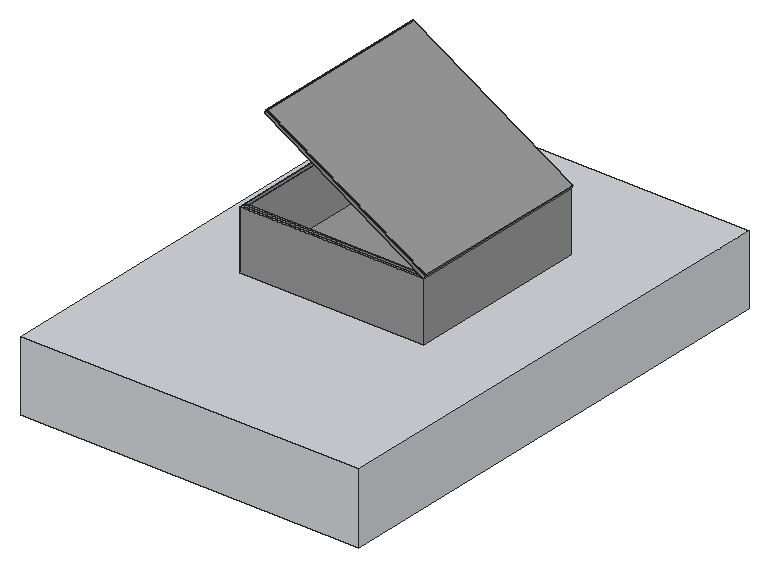
Revit family "Hager-Univers-IP55-D275-H800-Cl.II-Steel_encl-PT-pt", category Equipement électrique, Revit 2020
Family settings
  Hôte = Face
  Configuration du panneau = Deux colonnes, circuits au sein
  Cote de connecteur circulaire = Utiliser le diamètre
  Type d'élément = Tableau de raccordement
  Couper avec des vides une fois chargée = Non
  Partagée = Non
  Point de calcul de pièce = Non
Parameters (values of type "Montagem em superfície (gesso) IP55 L800 A800 P275  - FR53S")
  Width Control [instance] = if([EF000008 - Largura] > Min Width, [EF000008 - Largura], Min Width)  # 800 mm
  Commentaires du type = [HG000003 - Gama]  # "Univers"
  Thickness Door [instance] = if([EF009171 - Espessura do material da porta/tampa] > 3 mm, 3 mm, [EF009171 - Espessura do material da porta/tampa])  # 1.5 mm
  Seal Frame Offset [instance] = 17 mm  # constant formula
  Plinth Visibility [instance] = [HG000027 - Altura da Plinta] > 0 mm  # no
  Model = ""
  Min Width [instance] = 100 mm  # constant formula
  Min Height [instance] = 100 mm  # constant formula
  Min Depth [instance] = (2 * [EF009170 - Espessura do material do invólucro]) + 1 mm  # 4 mm
  Internal Frame Depth [instance] = (Door System Depth * 0.5)  # 9 mm
  Height Control [instance] = if([EF000040 - Altura] > Min Height, [EF000040 - Altura], Min Height)  # 800 mm
  HG000027 - Altura da Plinta = 0 mm
  HG000026 - Instalação no chão = no
  HG000024 - Altura da secção inferior = 800 mm
  HG000023 - Recinto de secção dupla = no
  HG000016 - Visibilidade da porta 3D [instance] = yes
  HG000015 - Visibilidade através da porta [instance] = no
  HG000014 - Porta à direita [instance] = yes
  HG000013 - Porta à esquerda [instance] = not([HG000014 - Porta à direita])  # no
  HG000012 - Ângulo de abertura de porta [instance] = 30.00°
  HG000010 - Portas assimétricas = no
  HG000009 - Porta dupla = no
  HG000006 - Encastrado = no
  HG000004 - Referência do Fabricante = "FR53S"
  HG000003 - Gama = "Univers"
  HG000002 - Com porta ou tampa = yes
  Frame Offset Bottom [instance] = 10 mm  # constant formula
  Frame Offset [instance] = 15 mm  # constant formula
  EF015940 - Tampa com libertação de sobrepressão = no
  EF011959 - Grau de proteção (NEMA) = ""
  EF009554 - Número de aberturas para placas de flange = 6
  Fabricant = "Hager"  # constant formula
  EF009212 - Tipo de tampa = "EV000116 - Fechado"
  EF009171 - Espessura do material da porta/tampa = 1.5 mm
  EF009170 - Espessura do material do invólucro = 1.5 mm
  EF008873 - Corrente nominal (In) = 800 A
  EF007800 - Adequado para proteção contra raios = no
  EF006306 - Com fecho = no
  EF006244 - Tampa/porta transparente = no
  EF005474 - Grau de proteção (IP) = "EV006420 - IP55"
  EF004464 - Tipo de porta = "EV002646 - Único"
  EF004427 - Número de módulos = 180
  EF004293 - Força de impacto = "EV008784 - IK10"
  EF003532 - Adequado para uso no exterior = no
  EF002950 - Largura em número de módulos = 24
  EF001613 - Integridade do circuito = "EV000494 - Nenhum"
  EF001596 - Material do corpo = "EV000179 - Aço"
  EF001131 - Profundidade interior = 275 mm
  EF001088 - Extensão possível = yes
  EF000437 - Número de entradas de condutores = 6
  EF000339 - Tipo de difusor = "EV004216 - Porta"
  EF000266 - Número de linhas = 5
  EF000218 - Profundidade incorporada = 0 mm
  EF000118 - Com tampa de montagem = no
  EF000116 - Número RAL = "7035"
  EF000049 - Profundidade = 275 mm
  EF000040 - Altura = 800 mm
  EF000008 - Largura = 800 mm
  EF000007 - Cor = "EV000270 - Cinzento"
  EF000003 - Método de montagem = "EV000384 - Montagem em superfície (gesso)"
  Door System Leaf Tolerance [instance] = 1.5 mm  # constant formula
  Door System Depth [instance] = 18 mm  # constant formula
  Door Height [instance] = Height Control - [HG000027 - Altura da Plinta]  # 800 mm
  Depth Control [instance] = if([EF000049 - Profundidade] > Min Depth, [EF000049 - Profundidade], Min Depth)  # 275 mm
  Default Elevation = 0 mm
  Connector Offset [instance] = Height Control / 2  # 400 mm
  Bottom Top Plate Trim [instance] = 1.5 mm  # constant formula
  Plinth height Ctrl [instance] = if([HG000027 - Altura da Plinta] > 0 mm, [HG000027 - Altura da Plinta], 12 mm)  # 12 mm
Types (5, lengths in mm): name | Width Control | HG000010 - Portas assimétricas | HG000009 - Porta dupla | HG000004 - Referência do Fabricante | EF009554 - Número de aberturas para placas de flange | EF004464 - Tipo de porta | EF004427 - Número de módulos | EF000437 - Número de entradas de condutores | EF000008 - Largura
  Montagem em superfície (gesso) IP55 L1050 A800 P275  - FR54S | 1050 | no | yes | "FR54S" | 8 | "EV003602 - Duplo" | 240 | 8 | 1050
  Montagem em superfície (gesso) IP55 L1300 A800 P275  - FR55S | 1300 | yes | yes | "FR55S" | 10 | "EV003602 - Duplo" | 300 | 10 | 1300
  Montagem em superfície (gesso) IP55 L300 A800 P275  - FR51S | 300 | no | no | "FR51S" | 2 | "EV002646 - Único" | 60 | 2 | 300
  Montagem em superfície (gesso) IP55 L550 A800 P275  - FR52S | 550 | no | no | "FR52S" | 4 | "EV002646 - Único" | 120 | 4 | 550
  Montagem em superfície (gesso) IP55 L800 A800 P275  - FR53S | 800 | no | no | "FR53S" | 6 | "EV002646 - Único" | 180 | 6 | 800
Reference planes
  plane 1 "Center (Front/Back)": y = 0
  plane 2: z = 0
  plane 3 "Center (Left/Right)": x = 0
  plane 4: z = 275
  plane 5: y = 1.5
  plane 6: y = 400
  plane 7: y = 0
  plane 8: y = 800
  plane 9: z = 0
  plane 10: x = -385
  plane 11: x = 385
  plane 12: x = 383.5
  plane 13: x = -383.5
  plane 14: y = 798.5
  plane 15: x = -383
  plane 16: x = -400
  plane 17: x = 383
  plane 18: x = 400
  plane 19: x = 398.5
  plane 20: x = -398.5
  plane 21: y = 11.5
  plane 22: y = 800
  plane 23: y = 783.5
  plane 24: z = 257
  plane 25: z = 1.5
  plane 26: z = 255.5
  plane 27: z = 273.5
Forms (mm)
  Extrusion 1, solid
    sketch origin (0, 0, 0) x (1, 0, 0) y (0, 1, 0)
      loop
        line (-702.964, 1305) -> (-702.964, -811.445) -> (766.763, -811.445) -> (766.763, 1305) -> (-702.964, 1305)
    from 0 to -304.8
  Extrusion 2, solid, material "Hager_Steel_RAL7035_Light_Grey", visible <- "Plinth Visibility", detail levels medium+fine
    sketch origin (0, 0, 0) x (1, 0, 0) y (0, 1, 0)
      loop
        line (-400, 0) -> (400, 0) -> (400, 12) -> (-400, 12) -> (-400, 0)
    from 0 to 257
  Extrusion 3, solid, material "Hager_Steel_RAL7035_Light_Grey", detail levels medium+fine
    sketch origin (0, 0, 0) x (1, 0, 0) y (0, 1, 0)
      loop
        line (-400, 0) -> (400, 0) -> (400, 800) -> (-400, 800) -> (-400, 0)
    from 0 to 257
  Extrusion 4, void
    sketch origin (0, 0, 0) x (1, 0, 0) y (0, 1, 0)
      loop
        line (-398.5, 1.5) -> (398.5, 1.5) -> (398.5, 798.5) -> (-398.5, 798.5) -> (-398.5, 1.5)
    from 1.5 to 255.5
  Extrusion 5, void
    sketch origin (-381.607, -4572, 257) x (0, -1, 0) y (-1, 0, 0)
      loop
        line (-4583.5, 1.893) -> (-5355.5, 1.893) -> (-5355.5, -765.107) -> (-4583.5, -765.107) -> (-4583.5, 1.893)
    from 0 to 1.5 <- "EF009170 - Espessura do material do invólucro"
  Extrusion 6, solid, material "Hager_Steel_RAL7035_Light_Grey", detail levels fine
    sketch origin (0, 0, 257) x (1, 0, 0) y (0, 1, 0)
      loop
        line (-383.5, 783.5) -> (-383.5, 11.5) -> (383.5, 11.5) -> (383.5, 783.5) -> (-383.5, 783.5)
      loop
        line (-385, 10) -> (385, 10) -> (385, 785) -> (-385, 785) -> (-385, 10)
    from 0 to 9 <- "Internal Frame Depth"
  Extrusion 7, solid, material "Hager_Steel_RAL7035_Light_Grey", detail levels coarse
    sketch origin (0, 0, 0) x (1, 0, 0) y (0, 1, 0)
      loop
        line (-400, 0) -> (400, 0) -> (400, 800) -> (-400, 800) -> (-400, 0)
    from 0 to 275
  Sweep 8, void
    path in 3D
      loop
        line (-400, 12, 0) -> (400, 12, 0) -> (400, 12, 257) -> (-400, 12, 257) -> (-400, 12, 0)
    profile origin (-400, 12, 128.5) x (-1, 0, 0) y (0, -1, 0)
      loop
        line (0, 0) -> (0, 1.5) -> (-1.5, 1.5)
        arc (-1.5, 1.5) -> (-1.061, 0.439) -> (0, 0) r 1.5
Cuts and joins
  Extrusion 4, Extrusion 5 cuts Extrusion 3
  Sweep 8 cuts Extrusion 2
Lines and regions (mm)
  Masking region 1
    outline origin (0, 0, 0) x (1, 0, 0) y (0, 0, 1)
      loop
        line (-400, 275) -> (-400, 0) -> (400, 0) -> (400, 275) -> (-400, 275)
  Masking region 2, detail levels medium+fine
    outline origin (0, 140, 0) x (0, 1, 0) y (0, 0, 1)
      loop
        line (-140, 0) -> (660, 0) -> (660, 257) -> (-140, 257) -> (-140, 0)
  Masking region 3, not visible, detail levels medium+fine
    outline origin (0, 297.922, 0) x (0, 1, 0) y (0, 0, 1)
      loop
        line (113.578, 0) -> (153.578, 0) -> (153.578, 263.5)
        arc (153.578, 263.5) -> (150.649, 270.571) -> (143.578, 273.5) r 10
        line (143.578, 273.5) -> (113.578, 273.5) -> (113.578, 0)
  Masking region 4, detail levels coarse
    outline origin (0, 0, 180) x (0, 1, 0) y (0, 0, 1)
      loop
        line (0, -180) -> (800, -180) -> (800, 95) -> (0, 95) -> (0, -180)
  Masking region 5, visible <- "Plinth Visibility", detail levels medium+fine
    outline origin (0, 52.24, 12.345) x (0, 0, -1) y (0, 1, 0)
      loop
        line (10.845, -40.24) -> (-243.155, -40.24)
        arc (-243.155, -40.24) -> (-243.594, -41.301) -> (-244.655, -41.74) r 1.5
        line (-244.655, -41.74) -> (-244.655, -52.24) -> (12.345, -52.24) -> (12.345, -41.74)
        arc (12.345, -41.74) -> (11.285, -41.301) -> (10.845, -40.24) r 1.5
  Masking region 6, detail levels medium+fine
    outline origin (-381.607, -4572, 257) x (-1, 0, 0) y (0, -1, 0)
      loop
        line (18.393, -5372) -> (18.393, -4572) -> (-781.607, -4572) -> (-781.607, -5372) -> (18.393, -5372)
  Masking region 7, visible <- "Plinth Visibility", detail levels medium+fine
    outline origin (-381.607, -4727, 257) x (-1, 0, 0) y (0, -1, 0)
      loop
        arc (16.893, -4739) -> (17.332, -4737.939) -> (18.393, -4737.5) r 1.5
        line (18.393, -4737.5) -> (18.393, -4727) -> (-781.607, -4727) -> (-781.607, -4737.5)
        arc (-781.607, -4737.5) -> (-780.546, -4737.939) -> (-780.107, -4739) r 1.5
        line (-780.107, -4739) -> (16.893, -4739)
  Masking region 8, detail levels coarse
    outline origin (-442.548, -4669.526, 257) x (-1, 0, 0) y (0, -1, 0)
      loop
        line (-42.548, -5469.526) -> (-42.548, -4669.526) -> (-842.548, -4669.526) -> (-842.548, -5469.526) -> (-42.548, -5469.526)
  sketch lines
    curve 1: line (-400, 12, 257) -> (-400, 12, 0)
    curve 2: line (400, 12, 257) -> (-400, 12, 257)
    curve 3: line (400, 12, 257) -> (400, 12, 0)
    curve 4: line (-400, 12, 0) -> (400, 12, 0)
Dimensions and locks
  "Depth Control": plane 4 to Extrusion 1
  "HG000027 - Altura da Plinta": plane 1 "Center (Front/Back)" to plane 7
  "EF009170 - Espessura do material do invólucro": plane 5 to plane 7
  locked: connector elem to plane 3 "Center (Left/Right)"
  equal spacing: plane 8, plane 6, plane 7
  locked: connector elem to plane 6
  "EF009170 - Espessura do material do invólucro": plane 8 to plane 14
  "EF009170 - Espessura do material do invólucro": plane 10 to plane 13
  "EF009170 - Espessura do material do invólucro": plane 12 to plane 11
  "Frame Offset": plane 20 to plane 13
  "Frame Offset": plane 12 to plane 19
  "EF009170 - Espessura do material do invólucro": plane 16 to plane 20
  "EF009170 - Espessura do material do invólucro": plane 19 to plane 18
  "Seal Frame Offset": plane 16 to plane 15
  "Seal Frame Offset": plane 17 to plane 18
  "Frame Offset Bottom": plane 21 to plane 5
  "Frame Offset": plane 14 to plane 23
  equal spacing: plane 16, plane 3 "Center (Left/Right)", plane 18
  "Width Control": plane 16 to plane 18
  "EF009170 - Espessura do material do invólucro": plane 4 to plane 27
  "EF009170 - Espessura do material do invólucro": plane 24 to plane 26
  "EF009170 - Espessura do material do invólucro": plane 25 to level
  "Door System Depth": plane 4 to plane 24
  "Height Control": plane 1 "Center (Front/Back)" to Extrusion 7 sketch curve
  "Height Control": Masking region 4 sketch curve to plane 1 "Center (Front/Back)"
  "Height Control": plane 1 "Center (Front/Back)" to plane 22
  "Bottom Top Plate Trim": profile plane to Sweep 8 sketch curve
  "Bottom Top Plate Trim": Sweep 8 sketch curve to profile plane
  "Plinth height Ctrl": plane 1 "Center (Front/Back)" to Extrusion 2 sketch curve
  "Plinth height Ctrl": Masking region 5 sketch curve to plane 1 "Center (Front/Back)"
  "Plinth height Ctrl": plane 1 "Center (Front/Back)" to Masking region 7 sketch curve
  "Thickness Door": Extrusion 6 sketch curve to Extrusion 6 sketch curve  (x3)
  "Thickness Door": cut or joined group of Extrusion 3, Extrusion 4, Extrusion 5 to Extrusion 6 sketch curve
  radius of Masking region 3 sketch curve = 10 mm
  "Bottom Top Plate Trim": radius of Masking region 5 sketch curve  (x2)
  "Bottom Top Plate Trim": radius of Sweep 8 sketch curve
  "Bottom Top Plate Trim": radius of Masking region 7 sketch curve  (x2)
  aligned and locked: plane 2 to Extrusion 1
  aligned and locked: level to Extrusion 1
  aligned and locked: level to Masking region 1 sketch curve
  aligned and locked: Masking region 1 sketch curve to plane 18
  aligned and locked: Masking region 1 sketch curve to plane 16
  aligned and locked: plane 7 to Masking region 2 sketch curve
  aligned and locked: level to Masking region 3 sketch curve
  aligned and locked: Masking region 3 sketch curve to plane 27
  aligned and locked: level to Masking region 2 sketch curve
  aligned and locked: plane 1 "Center (Front/Back)" to Extrusion 2 sketch curve
  aligned and locked: Extrusion 3 sketch curve to plane 7
  aligned and locked: plane 16 to Extrusion 3 sketch curve
  aligned and locked: plane 18 to Extrusion 3 sketch curve
  aligned and locked: plane 20 to Extrusion 4 sketch curve
  aligned and locked: plane 19 to Extrusion 4 sketch curve
  aligned and locked: Extrusion 4 sketch curve to plane 5
  aligned and locked: Extrusion 4 to plane 25
  aligned and locked: plane 26 to Extrusion 4
  aligned and locked: plane 24 to Extrusion 3
  aligned and locked: Extrusion 5 sketch curve to plane 21
  aligned and locked: Extrusion 5 sketch curve to plane 13
  aligned and locked: Extrusion 5 sketch curve to plane 12
  aligned and locked: plane 18 to Extrusion 7 sketch curve
  aligned and locked: plane 1 "Center (Front/Back)" to Extrusion 7 sketch curve
  aligned and locked: plane 16 to Extrusion 7 sketch curve
  aligned and locked: plane 4 to Extrusion 7
  aligned and locked: Extrusion 7 to level
  aligned and locked: level to Masking region 4 sketch curve
  aligned and locked: Masking region 4 sketch curve to plane 1 "Center (Front/Back)"
  aligned and locked: Masking region 4 sketch curve to plane 4
  aligned and locked: nested 1 to level
  aligned and locked: nested 1 to plane 16
  aligned and locked: plane 8 to Extrusion 3 sketch curve
  aligned and locked: plane 23 to Extrusion 5 sketch curve
  aligned and locked: plane 14 to Extrusion 4 sketch curve
  aligned and locked: Masking region 2 sketch curve to plane 8
  aligned and locked: level to Masking region 5 sketch curve
  aligned and locked: plane 16 to Extrusion 2 sketch curve
  aligned and locked: plane 18 to Extrusion 2 sketch curve
  aligned and locked: Masking region 5 sketch curve to plane 24
  aligned and locked: Masking region 2 sketch curve to plane 24
  aligned and locked: plane 24 to Extrusion 2
  aligned and locked: profile plane to Sweep 8 sketch curve  (x2)
  aligned and locked: Masking region 6 sketch curve to plane 18
  aligned and locked: Masking region 6 sketch curve to plane 22
  aligned and locked: Masking region 6 sketch curve to plane 16
  aligned and locked: plane 8 to plane 22
  aligned and locked: Masking region 6 sketch curve to plane 7
  aligned and locked: Masking region 7 sketch curve to plane 16
  aligned and locked: Masking region 7 sketch curve to plane 1 "Center (Front/Back)"
  aligned and locked: Masking region 7 sketch curve to plane 18
  aligned and locked: Masking region 8 sketch curve to plane 1 "Center (Front/Back)"
  aligned and locked: Masking region 8 sketch curve to plane 18
  aligned and locked: Masking region 8 sketch curve to plane 22
  aligned and locked: Masking region 8 sketch curve to plane 16
  aligned and locked: nested 2 to plane 7
  aligned and locked: plane 3 "Center (Left/Right)" to nested 2
  aligned and locked: nested 2 to plane 24
  aligned and locked: Extrusion 6 sketch curve to cut or joined group of Extrusion 3, Extrusion 4, Extrusion 5  (x4)
Automatic sketch dimensions
  Extrusion 1 sketch curve to Extrusion 1 sketch curve = 1469.727 mm
  Extrusion 1 sketch curve to Extrusion 1 sketch curve = 2116.445 mm
  Masking region 1 sketch curve to plane 4 = 0 mm
  plane 6 to Masking region 3 sketch curve = 11.5 mm
  Masking region 3 sketch curve to Masking region 3 sketch curve = 30 mm
  Masking region 5 sketch curve to plane 1 "Center (Front/Back)" = 0 mm
Nested families
  nested 1: "Hager_Enclosure_Symbol" at (-400, 0, 0) x (1, 0, 0) z (0, -1, 0), Height <- "Depth Control", Width <- "Width Control", type "Hager_Enclosure_Symbol"
    with Width_Ctrl 800 mm, Width 800 mm, Height_Ctrl 275 mm, Height 275 mm, A_Width_Int 18.047 mm, A_Width 216.562 mm, A_Height_Ctrl 240.625 mm, A_Height 240.625 mm
  nested 2: "EC000058_Univers_Door" at (0, 0, 257) x (1, 0, 0) z (0, 1, 0), Leaf_Tolerance <- "Door System Leaf Tolerance", Angle <- "HG000012 - Ângulo de abertura de porta", Door_Depth <- "Door System Depth", Door_Left <- "HG000013 - Porta à esquerda", Transparent <- "EF006244 - Tampa/porta transparente", Assymetrical <- "HG000010 - Portas assimétricas", Width <- "Width Control", Clearance <- "HG000015 - Visibilidade através da porta", Double <- "HG000009 - Porta dupla", 3d_Door <- "HG000016 - Visibilidade da porta 3D", Lock_Visibility <- "EF006306 - Com fecho", Width_Ctrl <- "Width Control", Door_Right <- "HG000014 - Porta à direita", Door <- "HG000002 - Com porta ou tampa", Height <- "Door Height", Thickness <- "Thickness Door", type "EC000058_Univers_Door", detail levels medium+fine
    with min_wh 4 mm, Width_Ctrl 800 mm, Width 800 mm, Transparent no, Thickness 1.5 mm, Seal_Material Hager_Rubber, Lock_Visibility no, Lock_Material Hager_Plastic_RAL9005_Jet_Black, Leaf_Width 800 mm, Leaf_Tolerance_External_Sides 0 mm, Leaf_Tolerance 1.5 mm, Leaf_Offset 0 mm, Leaf_Height 797 mm, Leaf_2_Width 800 mm, Leaf_2_Offset 400 mm, Leaf_1_Width 800 mm, Leaf_1_Offset 400 mm, Height_Ctrl 800 mm, Height 800 mm, Glass_Material Hager_Glass, Double_Clearance_Ctrl no, Double no, Door_Right_Ctrl yes, Door_Right yes, Door_Material Hager_Steel_RAL7035_Light_Grey, Door_Left_Ctrl no, Door_Left no, Door_Depth 18 mm, Door yes, Clearance_Material Hager_Clearance, Clearance_Depth 800 mm, Clearance_Ctrl no, Clearance no, Assymetrical no, Angle 30.00°, 3d_Door yes
Connectors
  electrical at (0, 400, 0)
    settings: on plane 9, index 1, voltage 0 V, apparent load 0 VA, apparent load phase1 0 VA, apparent load phase2 0 VA, apparent load phase3 0 VA, power factor 1, load classification "Other", number of poles 1, system type 30, power factor state 1, is connector primary yes, connector utility no, sub classification motor no, connector description ""
Definition of nested family "EC000058_Univers_Door"
  Parameters (values of type "EC000058_Univers_Door")
    min_wh [instance] = (2 * Thickness) + 1 mm  # 11 mm
    Width_Ctrl [instance] = 400 mm
    Width [instance] = 500 mm
    Transparent [instance] = yes
    Thickness [instance] = 5 mm
    Seal_Material [instance] = none
    Lock_Visibility [instance] = yes
    Lock_Material [instance] = none
    Leaf_Width [instance] = if((Width_Ctrl - 2 * Leaf_Tolerance_External_Sides) > 0 mm, (Width_Ctrl - 2 * Leaf_Tolerance_External_Sides), min_wh)  # 400 mm
    Leaf_Tolerance_External_Sides [instance] = 0 mm  # constant formula
    Leaf_Tolerance [instance] = 1.5 mm
    Leaf_Offset [instance] = 0 mm  # constant formula
    Leaf_Height [instance] = if((Height_Ctrl - 2 * Leaf_Tolerance) > 0 mm, (Height_Ctrl - 2 * Leaf_Tolerance), min_wh)  # 497 mm
    Leaf_2_Width [instance] = if(and(and(Double, Assymetrical), Door_Left), (Leaf_Width / 3) - (Leaf_Tolerance / 2), if(and(and(Double, Assymetrical), Door_Right), (Leaf_Width / 3) * 2 - (Leaf_Tolerance / 2), if(and(Double, not(Assymetrical)), (Leaf_Width / 2) - Leaf_Tolerance, Leaf_Width)))  # 400 mm
    Leaf_2_Offset [instance] = if(and(Double, Assymetrical), Leaf_2_Width / 2, if(and(Double, not(Assymetrical)), Leaf_Width / 4, Leaf_Width / 2))  # 200 mm
    Leaf_1_Width [instance] = if(and(and(Double, Assymetrical), Door_Right), (Leaf_Width / 3) - (Leaf_Tolerance / 2), if(and(and(Double, Assymetrical), Door_Left), (Width / 3) * 2 - (Leaf_Tolerance / 2), if(and(Double, not(Assymetrical)), (Leaf_Width / 2) - Leaf_Tolerance, Leaf_Width)))  # 400 mm
    Leaf_1_Offset [instance] = if(and(Double, Assymetrical), Leaf_1_Width / 2, if(and(Double, not(Assymetrical)), Leaf_Width / 4, Leaf_Width / 2))  # 200 mm
    Height_Ctrl [instance] = if(Height > min_wh, Height, min_wh)  # 500 mm
    Height [instance] = 500 mm
    Glass_Material [instance] = none
    Double_Clearance_Ctrl [instance] = and(Double, Clearance)  # no
    Double [instance] = no
    Door_Right_Ctrl [instance] = and(or(Door_Right, Double), Door)  # yes
    Door_Right [instance] = yes
    Door_Material [instance] = none
    Door_Left_Ctrl [instance] = and(or(Door_Left, Double), Door)  # no
    Door_Left [instance] = no
    Door_Depth [instance] = 30 mm
    Door [instance] = yes
    Default Elevation = 1219.2 mm
    Clearance_Material [instance] = none
    Clearance_Depth [instance] = if(Leaf_1_Width > Leaf_2_Width, Leaf_1_Width, Leaf_2_Width)  # 400 mm
    Clearance_Ctrl [instance] = and(not(Double), Clearance)  # yes
    Clearance [instance] = yes
    Assymetrical [instance] = yes
    Angle [instance] = 30.00°
    3d_Door [instance] = yes
  Reference planes
    plane 1 "Center (Front/Back)": y = 0
    plane 2 "Bottom": z = 0
    plane 3 "Center (Left/Right)": x = 0
    plane 4: z = 500
    plane 5: x = -200
    plane 6: x = 200
    plane 7: z = 500
    plane 8: x = -200
    plane 9: z = 0
    plane 10: x = 200
    plane 11: y = 0
    plane 12: z = 1.5
    plane 13: x = -600
    plane 14: y = -400
    plane 15: x = 600
    plane 16: x = 0
    plane 17: x = 0
    plane 18: x = -200
    plane 19: x = 200
    plane 20: z = 498.5
  Forms (mm)
    Extrusion 1, solid, material <- "Clearance_Material", visible <- "Double_Clearance_Ctrl"
      sketch origin (1200, 0, 0) x (1, 0, 0) y (0, 0, -1)
        loop
          line (-1800, -498.5) -> (-600, -498.5) -> (-600, 0) -> (-1800, 0) -> (-1800, -498.5)
      from 0 to -400
  Dimensions and locks
    equal spacing: plane 5, plane 3 "Center (Left/Right)", plane 6
    "Width_Ctrl": plane 5 to plane 6
    "Leaf_Offset": plane 5 to plane 8
    "Leaf_Offset": plane 6 to plane 10
    "Leaf_Offset": plane 9 to level
    "Leaf_Offset": plane 4 to plane 7
    "Height_Ctrl": plane 4 to level
    "Leaf_Tolerance": plane 12 to plane 9
    locked: plane 11 to plane 1 "Center (Front/Back)"
    "Leaf_1_Offset": plane 18 to plane 16
    "Leaf_2_Offset": plane 17 to plane 19
    "Leaf_1_Width": plane 13 to plane 8
    "Leaf_2_Width": plane 10 to plane 15
    "Clearance_Depth": plane 14 to plane 1 "Center (Front/Back)"
    "Leaf_Tolerance_External_Sides": plane 8 to plane 18
    "Leaf_Tolerance_External_Sides": plane 19 to plane 10
    "Leaf_Tolerance": plane 7 to plane 20
    aligned and locked: level to plane 2 "Bottom"
    aligned and locked: nested 1 to plane 16
    aligned and locked: nested 2 to plane 17
    aligned and locked: Extrusion 1 to plane 13
    aligned and locked: plane 15 to Extrusion 1
    aligned and locked: Extrusion 1 to plane 14
    aligned and locked: plane 12 to nested 1
    aligned and locked: nested 2 to plane 12
    aligned and locked: Extrusion 1 to plane 11
    aligned and locked: plane 20 to Extrusion 1
    aligned and locked: nested 2 to plane 11
    aligned and locked: nested 1 to plane 11
  Automatic sketch dimensions
    Extrusion 1 sketch curve to level = 0 mm
    plane 5 to Extrusion 1 sketch curve = 400 mm
    plane 6 to Extrusion 1 sketch curve = 400 mm
    Extrusion 1 sketch curve to plane 4 = 1.5 mm
  Nested families
    nested 1: "EC000058_Univers_Door_Leaf" at (0, 0, 1.5), Width <- "Leaf_1_Width", visible <- "Door_Left_Ctrl", Leaf_Height <- "Leaf_Height", Angle <- "Angle", 3d_Door <- "3d_Door", Transparent <- "Transparent", Clearance Material <- "Clearance_Material", Clearance <- "Clearance_Ctrl", Door_Material <- "Door_Material", Glass_Material <- "Glass_Material", Door_Depth <- "Door_Depth", Lock_Material <- "Lock_Material", Seal_Material <- "Seal_Material", Lock_Visibility <- "Lock_Visibility", Thickness <- "Thickness", type "EC000058_Univers_Door_Leaf"
      with Width 400 mm, Transparent_Glass_Offset 30 mm, Transparent_Ctrl yes, Transparent yes, Thickness 5 mm, Standard no, Seal_Material none, Seal_D2 8 mm, Seal_D1 1 mm, Offset_Internal_Frame 10 mm, Lock_Width 20 mm, Lock_Visibility_3d yes, Lock_Visibility yes, Lock_Thickness_3 3 mm, Lock_Thickness_2 1 mm, Lock_Thickness_1 3 mm, Lock_Radius_Offset_2 16 mm, Lock_Radius_Offset_1 15 mm, Lock_Radius_2 5 mm, Lock_Radius 6 mm, Lock_Offset 5 mm, Lock_Material none, Lock_Height 80 mm, Lock_Cover_Top_Offset_2d 17 mm, Lock_Cover_Height -65 mm, Leaf_Height 497 mm, Internal_Seal_Thickness 8 mm, Internal_Seal_Depth_2 4.5 mm, Internal_Frame_Depth 25 mm, Glass_Thickness -1 mm, Glass_Offset -2 mm, Glass_Material none, Door_Material none, Door_Depth 30 mm, Clearance Material none, Clearance yes, Angle_Ctrl 30.00°, Angle 30.00°, 3d_Door yes
    nested 2: "EC000058_Univers_Door_Leaf" at (0, 0, 1.5) x (-1, 0, 0) z (0, 0, 1), Width <- "Leaf_2_Width", visible <- "Door_Right_Ctrl", Leaf_Height <- "Leaf_Height", Angle <- "Angle", 3d_Door <- "3d_Door", Transparent <- "Transparent", Clearance Material <- "Clearance_Material", Clearance <- "Clearance_Ctrl", Door_Material <- "Door_Material", Glass_Material <- "Glass_Material", Door_Depth <- "Door_Depth", Lock_Material <- "Lock_Material", Seal_Material <- "Seal_Material", Lock_Visibility <- "Lock_Visibility", Thickness <- "Thickness", type "EC000058_Univers_Door_Leaf"
      with Width 400 mm, Transparent_Glass_Offset 30 mm, Transparent_Ctrl yes, Transparent yes, Thickness 5 mm, Standard no, Seal_Material none, Seal_D2 8 mm, Seal_D1 1 mm, Offset_Internal_Frame 10 mm, Lock_Width 20 mm, Lock_Visibility_3d yes, Lock_Visibility yes, Lock_Thickness_3 3 mm, Lock_Thickness_2 1 mm, Lock_Thickness_1 3 mm, Lock_Radius_Offset_2 16 mm, Lock_Radius_Offset_1 15 mm, Lock_Radius_2 5 mm, Lock_Radius 6 mm, Lock_Offset 5 mm, Lock_Material none, Lock_Height 80 mm, Lock_Cover_Top_Offset_2d 17 mm, Lock_Cover_Height -65 mm, Leaf_Height 497 mm, Internal_Seal_Thickness 8 mm, Internal_Seal_Depth_2 4.5 mm, Internal_Frame_Depth 25 mm, Glass_Thickness -1 mm, Glass_Offset -2 mm, Glass_Material none, Door_Material none, Door_Depth 30 mm, Clearance Material none, Clearance yes, Angle_Ctrl 30.00°, Angle 30.00°, 3d_Door yes
  Definition of nested family "EC000058_Univers_Door_Leaf"
    Parameters (values of type "EC000058_Univers_Door_Leaf")
      Width [instance] = 2000 mm
      Transparent_Glass_Offset [instance] = 30 mm
      Transparent_Ctrl [instance] = and(Transparent, [3d_Door])  # yes
      Transparent [instance] = yes
      Thickness [instance] = 5 mm
      Standard [instance] = and(not(Transparent), [3d_Door])  # no
      Seal_Material [instance] = none
      Seal_D2 [instance] = 8 mm  # constant formula
      Seal_D1 [instance] = 1 mm  # constant formula
      Offset_Internal_Frame [instance] = 10 mm  # constant formula
      Lock_Width [instance] = 20 mm  # constant formula
      Lock_Visibility_3d [instance] = and(Lock_Visibility, [3d_Door])  # yes
      Lock_Visibility [instance] = yes
      Lock_Thickness_3 [instance] = 3 mm  # constant formula
      Lock_Thickness_2 [instance] = 1 mm  # constant formula
      Lock_Thickness_1 [instance] = 3 mm  # constant formula
      Lock_Radius_Offset_2 [instance] = Lock_Radius_Offset_1 + 1 mm  # 16 mm
      Lock_Radius_Offset_1 [instance] = 15 mm  # constant formula
      Lock_Radius_2 [instance] = Lock_Radius - 1 mm  # 5 mm
      Lock_Radius [instance] = 6 mm  # constant formula
      Lock_Offset [instance] = 5 mm  # constant formula
      Lock_Material [instance] = none
      Lock_Height [instance] = 80 mm  # constant formula
      Lock_Cover_Top_Offset_2d [instance] = Lock_Radius_Offset_2 + 1 mm  # 17 mm
      Lock_Cover_Height [instance] = -(Lock_Height - Lock_Radius_Offset_1)  # -65 mm
      Leaf_Height [instance] = 2720.336 mm
      Internal_Seal_Thickness [instance] = 8 mm  # constant formula
      Internal_Seal_Depth_2 [instance] = 4.5 mm  # constant formula
      Internal_Frame_Depth [instance] = if(Door_Depth - Thickness > 5 mm, Door_Depth - Thickness, 5 mm)  # 25 mm
      Glass_Thickness [instance] = if(Thickness > 15 mm, Glass_Offset + 10 mm, -1 mm)  # -1 mm
      Glass_Offset [instance] = if(Thickness > 15 mm, -(Thickness + 10 mm) / 2, -2 mm)  # -2 mm
      Glass_Material [instance] = none
      Door_Material [instance] = none
      Door_Depth [instance] = 30 mm
      Default Elevation = 0 mm
      Clearance Material [instance] = none
      Clearance [instance] = yes
      Angle_Ctrl [instance] = if(Angle > 180.00°, 180.00°, Angle)  # 90.00°
      Angle [instance] = 90.00°
      3d_Door [instance] = yes
    Reference planes
      plane 1 "Center (Front/Back)": y = 0
      plane 2: z = 0
      plane 3 "Center (Left/Right)": x = 0
      plane 4: y = 2000
      plane 5: x = -1000
      plane 6: x = 1000
      plane 7: x = -3000
      plane 8: z = 2720.336
      plane 9: z = 30
      plane 10: z = 2690.336
      plane 11: x = 970
      plane 12: x = -970
      plane 13: y = -3
      plane 14: z = 107.833
      plane 15: y = -5
      plane 16: y = -223.314
      plane 17: x = -1000
      plane 18: z = 1360.168
      plane 19: y = 30
    Forms (mm)
      Extrusion 1, solid, material <- "Clearance Material", visible <- "Clearance"
        sketch origin (0, 0, 0) x (1, 0, 0) y (0, 0, 1)
          loop
            line (-3000, 2720.336) -> (-3000, 0) -> (1000, 0) -> (1000, 2720.336) -> (-3000, 2720.336)
        from 0 to -2000
      Extrusion 2, solid, material <- "Door_Material", visible <- "Standard", detail levels medium+fine
        sketch origin (-1000, 0, 0) x (0, 1, 0) y (-1, 0, 0)
          loop
            line (0, 30) -> (0, 25) -> (2000, 25) -> (2000, 30) -> (0, 30)
        from 0 to 2720.336 <- "Leaf_Height"
      Extrusion 3, solid, material <- "Door_Material", visible <- "Transparent_Ctrl", detail levels medium+fine
        sketch origin (-1000, 0, 0) x (0, 1, 0) y (-1, 0, 0)
          loop
            line (0, 25) -> (2000, 25) -> (2000, 30) -> (0, 30) -> (0, 25)
        from 0 to 2720.336 <- "Leaf_Height"
      Extrusion 4, void
        sketch origin (-1025, 2000, 0) x (0, 1, 0) y (0, 0, -1)
          loop
            line (-30, -2690.336) -> (-30, -30) -> (-1970, -30) -> (-1970, -2690.336) -> (-30, -2690.336)
        from 0 to 5 <- "Thickness"
      Sweep 5, solid, material <- "Seal_Material", visible <- "Transparent_Ctrl", detail levels fine
        path in 3D
          loop
            line (-1025, 30, 30) -> (-1025, 30, 2690.336) -> (-1025, 1970, 2690.336) -> (-1025, 1970, 30) -> (-1025, 30, 30)
        profile origin (-1025, 1000, 30) x (1, 0, 0) y (0, 0, 1)
          loop
            line (0, 0) -> (0, -8) -> (1, -8) -> (1, 0) -> (0, 0)
      Extrusion 6, solid, material <- "Glass_Material", visible <- "Transparent_Ctrl", detail levels medium+fine
        sketch origin (-1030, 0, 0) x (0, 1, 0) y (0, 0, -1)
          loop
            line (1970, -2690.336) -> (1970, -30) -> (30, -30) -> (30, -2690.336) -> (1970, -2690.336)
        from -2 <- "Glass_Offset" to -1 <- "Glass_Thickness"
      Extrusion 7, solid, material <- "Door_Material", visible <- "3d_Door", detail levels medium+fine
        sketch origin (-1025, 2000, 0) x (0, -1, 0) y (0, 0, -1)
          loop
            line (0, -2720.336) -> (2000, -2720.336) -> (2000, 0) -> (0, 0) -> (0, -2720.336)
          loop
            line (1995, -5) -> (5, -5) -> (5, -2715.336) -> (1995, -2715.336) -> (1995, -5)
        from 0 to 25 <- "Internal_Frame_Depth"
      Sweep 8, solid, material <- "Seal_Material", visible <- "Transparent_Ctrl", detail levels fine
        path in 3D
          loop
            line (-1025, 0, 0) -> (-1025, 2000, 0) -> (-1025, 2000, 2720.336) -> (-1025, 0, 2720.336) -> (-1025, 0, 0)
        profile origin (-1025, 0, 1360.168) x (1, 0, 0) y (0, 1, 0)
          loop
            line (0, 10) -> (2.975, 10)
            arc (2.975, 10) -> (4.053, 10.447) -> (4.5, 11.525) r 1.525
            line (4.5, 11.525) -> (4.5, 16.527)
            arc (4.5, 16.527) -> (4.069, 17.569) -> (3.027, 18) r 1.473
            line (3.027, 18) -> (0, 18) -> (0, 10)
      Extrusion 9, solid, material <- "Lock_Material", visible <- "Lock_Visibility_3d", detail levels fine
        sketch origin (-1030, 0, 0) x (0, 1, 0) y (0, 0, -1)
          loop
            arc (1993.5, -1400.168) -> (1994.561, -1399.729) -> (1995, -1398.668) r 1.5
            line (1995, -1398.668) -> (1995, -1320.168) -> (1975, -1320.168) -> (1975, -1398.668)
            arc (1975, -1398.668) -> (1975.439, -1399.729) -> (1976.5, -1400.168) r 1.5
            line (1976.5, -1400.168) -> (1993.5, -1400.168)
        from 3 <- "Lock_Thickness_1" to 0
      Blend 10, solid, material <- "Lock_Material", visible <- "Lock_Visibility_3d", detail levels fine
        base sketch origin (-1033, 0, 0) x (0, 1, 0) y (0, 0, -1)
          loop
            line (1975, -1320.168) -> (1975, -1398.668)
            arc (1975, -1398.668) -> (1975.439, -1399.729) -> (1976.5, -1400.168) r 1.5
            line (1976.5, -1400.168) -> (1993.5, -1400.168)
            arc (1993.5, -1400.168) -> (1994.561, -1399.729) -> (1995, -1398.668) r 1.5
            line (1995, -1398.668) -> (1995, -1320.168) -> (1975, -1320.168)
        top sketch origin (-1033, 0, 0) x (0, 1, 0) y (0, 0, -1)
          loop
            line (1976, -1320.168) -> (1976, -1398.668)
            arc (1976, -1398.668) -> (1976.146, -1399.022) -> (1976.5, -1399.168) r 0.5
            line (1976.5, -1399.168) -> (1993.5, -1399.168)
            arc (1993.5, -1399.168) -> (1993.854, -1399.022) -> (1994, -1398.668) r 0.5
            line (1994, -1398.668) -> (1994, -1320.168) -> (1976, -1320.168)
        from 0 to 1 <- "Lock_Thickness_2"
      Blend 11, solid, material <- "Lock_Material", visible <- "Lock_Visibility_3d", detail levels fine
        base sketch origin (-1034, 0, 0) x (0, 1, 0) y (0, 0, -1)
          loop
            line (1978, -1320.168) -> (1978, -1384.168)
            arc (1978, -1384.168) -> (1985, -1391.168) -> (1992, -1384.168) r 7
            line (1992, -1384.168) -> (1992, -1320.168) -> (1978, -1320.168)
        top sketch origin (-1034, 0, 0) x (0, 1, 0) y (0, 0, -1)
          loop
            line (1991, -1320.168) -> (1979, -1320.168) -> (1979, -1383.168)
            arc (1979, -1383.168) -> (1985, -1389.168) -> (1991, -1383.168) r 6
            line (1991, -1383.168) -> (1991, -1320.168)
        from 0 to 3 <- "Lock_Thickness_3"
      Extrusion 12, solid, material <- "Lock_Material", visible <- "Lock_Visibility_3d", detail levels fine
        sketch origin (-1030, 1975, 1320.168) x (1, 0, 0) y (0, -1, 0)
          loop
            line (-7, -19) -> (-7, -1) -> (0, -1) -> (0, 0) -> (-8, 0) -> (-8, -20) -> (0, -20) -> (0, -19) -> (-7, -19)
        from 0 to -65 <- "Lock_Cover_Height"
      Extrusion 13, void
        sketch origin (-1038, 1995, 1320.168) x (-1, 0, 0) y (0, 0, -1)
          loop
            line (-5, -65) -> (0, -65) -> (-5, -60) -> (-5, -65)
        from 0 to 20 <- "Lock_Width"
      Extrusion 14, void
        sketch origin (-1038, 1975, 1320.168) x (0, -1, 0) y (0, 0, -1)
          loop
            circle (-10, -15.995) r 6
          loop
            circle (-10, -15.995) r 5
        from 0 to 2
      Extrusion 15, solid, material <- "Lock_Material", visible <- "Lock_Visibility_3d", detail levels medium
        sketch origin (-1030, 0, 0) x (0, 1, 0) y (0, 0, -1)
          loop
            arc (1993.5, -1400.168) -> (1994.561, -1399.729) -> (1995, -1398.668) r 1.5
            line (1995, -1398.668) -> (1995, -1320.168) -> (1975, -1320.168) -> (1975, -1398.668)
            arc (1975, -1398.668) -> (1975.439, -1399.729) -> (1976.5, -1400.168) r 1.5
            line (1976.5, -1400.168) -> (1993.5, -1400.168)
        from 8 to 0
    Cuts and joins
      Extrusion 4 cuts Extrusion 3
      Extrusion 13, Extrusion 14 cuts Extrusion 9
      Extrusion 14 cuts Blend 11
      Extrusion 13, Extrusion 14 cuts Extrusion 12
      joined: Extrusion 9, Blend 10, Blend 11, Extrusion 12
      Extrusion 14 cuts Extrusion 15
    Lines and regions (mm)
      Masking region 1, visible <- "Lock_Visibility", detail levels fine
        outline origin (0, 0, 0) x (0, 1, 0) y (0, 0, 1)
          loop
            line (30, 1320.168) -> (33, 1320.168) -> (33, 1400.168) -> (30, 1400.168) -> (30, 1320.168)
      Masking region 2, visible <- "Lock_Visibility", detail levels fine
        outline origin (0, 3.143, 0) x (0, 1, 0) y (0, 0, 1)
          loop
            line (29.857, 1354.168) -> (30.857, 1354.168) -> (30.857, 1366.168) -> (29.857, 1366.168) -> (29.857, 1354.168)
      Masking region 3, detail levels medium+fine
        outline origin (0, 0, 0) x (0, 1, 0) y (0, 0, 1)
          loop
            line (0, 0) -> (30, 0) -> (30, 2720.336) -> (0, 2720.336) -> (0, 0)
      Masking region 4, detail levels medium+fine
        outline origin (0, 0, 0) x (1, 0, 0) y (0, 0, 1)
          loop
            line (-1000, 2720.336) -> (-1000, 0) -> (1000, 0) -> (1000, 2720.336) -> (-1000, 2720.336)
      Masking region 5, visible <- "Lock_Visibility", detail levels fine
        outline origin (-47.116, 0, 0) x (1, 0, 0) y (0, 0, 1)
          loop
            arc (1024.616, 1399.168) -> (1023.556, 1398.729) -> (1023.116, 1397.668) r 1.5
            line (1023.116, 1397.668) -> (1023.116, 1320.168) -> (1041.116, 1320.168) -> (1041.116, 1397.668)
            arc (1041.116, 1397.668) -> (1040.677, 1398.729) -> (1039.616, 1399.168) r 1.5
            line (1039.616, 1399.168) -> (1024.616, 1399.168)
      Masking region 6, visible <- "Lock_Visibility", detail levels medium+fine
        outline origin (-25, 0, 0) x (1, 0, 0) y (0, 0, 1)
          loop
            arc (1001.5, 1400.168) -> (1000.439, 1399.729) -> (1000, 1398.668) r 1.5
            line (1000, 1398.668) -> (1000, 1320.168) -> (1020, 1320.168) -> (1020, 1398.668)
            arc (1020, 1398.668) -> (1019.561, 1399.729) -> (1018.5, 1400.168) r 1.5
            line (1018.5, 1400.168) -> (1001.5, 1400.168)
      Masking region 7, visible <- "Lock_Visibility", detail levels fine
        outline origin (-73.735, 0, 0) x (1, 0, 0) y (0, 0, 1)
          loop
            line (1051.735, 1382.168) -> (1065.735, 1382.168) -> (1065.735, 1384.168)
            arc (1065.735, 1384.168) -> (1058.735, 1391.168) -> (1051.735, 1384.168) r 7
            line (1051.735, 1384.168) -> (1051.735, 1382.168)
      Masking region 8, visible <- "Lock_Visibility", detail levels fine
        outline origin (-73.735, 0, 0) x (1, 0, 0) y (0, 0, 1)
          loop
            line (1052.735, 1382.168) -> (1064.735, 1382.168) -> (1064.735, 1383.168)
            arc (1064.735, 1383.168) -> (1058.735, 1389.168) -> (1052.735, 1383.168) r 6
            line (1052.735, 1383.168) -> (1052.735, 1382.168)
      Masking region 9, visible <- "Lock_Visibility", detail levels fine
        outline origin (-25, 0, 0) x (1, 0, 0) y (0, 0, 1)
          loop
            line (1020, 1320.168) -> (1020, 1382.168) -> (1000, 1382.168) -> (1000, 1320.168) -> (1020, 1320.168)
      Masking region 10, detail levels medium+fine
        outline origin (0, 0, 0) x (1, 0, 0) y (0, 0, 1)
          loop
            circle (985, 1335.144) r 6
      Masking region 11, detail levels fine
        outline origin (0, 0, 0) x (1, 0, 0) y (0, 0, 1)
          loop
            circle (985, 1335.144) r 5
      Masking region 12, visible <- "Lock_Visibility", detail levels fine
        outline origin (0, 12.767, 0) x (0, 1, 0) y (0, 0, 1)
          loop
            line (20.233, 1320.168) -> (21.233, 1320.168) -> (21.233, 1399.168) -> (20.233, 1400.168) -> (20.233, 1320.168)
      Masking region 13, visible <- "Lock_Visibility", detail levels fine
        outline origin (0, 13.767, -10) x (0, 1, 0) y (0, 0, 1)
          loop
            line (20.233, 1330.168) -> (23.233, 1330.168) -> (23.233, 1399.168) -> (20.233, 1402.168) -> (20.233, 1330.168)
      Masking region 14, visible <- "Lock_Visibility", detail levels fine
        outline origin (0, 12.767, -10) x (0, 1, 0) y (0, 0, 1)
          loop
            line (20.233, 1330.168) -> (25.233, 1330.168) -> (25.233, 1399.305) -> (20.233, 1394.305) -> (20.233, 1330.168)
      Masking region 15, visible <- "Lock_Visibility", detail levels medium
        outline origin (0, 0, 0) x (0, 1, 0) y (0, 0, 1)
          loop
            line (30, 1320.168) -> (38, 1320.168) -> (38, 1400.168) -> (30, 1400.168) -> (30, 1320.168)
      Masking region 16, visible <- "Lock_Visibility", detail levels fine
        outline origin (-1000, 0, 0) x (0, 1, 0) y (-1, 0, 0)
          loop
            line (1975, 30) -> (1995, 30) -> (1995, 38) -> (1975, 38) -> (1975, 30)
          loop
            line (1979, 37) -> (1976, 37) -> (1976, 34) -> (1978, 34) -> (1979, 37)
          loop
            line (1994, 37) -> (1991, 37) -> (1992, 34) -> (1994, 34) -> (1994, 37)
      Masking region 17, visible <- "Lock_Visibility", detail levels medium
        outline origin (-1000, 0, 0) x (0, 1, 0) y (-1, 0, 0)
          loop
            line (1975, 30) -> (1995, 30) -> (1995, 38) -> (1975, 38) -> (1975, 30)
      symbolic lines
        curve 1: line (1000, 0, 0) -> (-3000, 0, 0)
        curve 2: arc (1000, 0, 0) -> (-1000, 2000, 0) -> (-3000, 0, 0) r 2000
        curve 4: line (-1030, 0, 0) -> (-1030, 2000, 0)
      reference lines
        curve 3: line (-1000, 0, 0) -> (-1000, 2000, 0)
      symbolic lines, detail levels medium+fine
        curve 5: line (-1030, 2000, 0) -> (-1025, 2000, 0)
        curve 7: line (-1025, 0, 0) -> (-1030, 0, 0)
        curve 8: line (-1025, 0, 0) -> (-1000, 0, 0)
        curve 9: line (-1000, 0, 0) -> (-1000, 2000, 0)
        curve 10: line (-1000, 2000, 0) -> (-1025, 2000, 0)
      symbolic lines, detail levels fine
        curve 6: line (-1025, 2000, 0) -> (-1025, 0, 0)
      sketch lines
        curve 11: line (-1025, 0, 2720.336) -> (-1025, 0, 0)
        curve 12: line (-1025, 2000, 0) -> (-1025, 0, 0)
        curve 13: line (-1025, 2000, 2720.336) -> (-1025, 2000, 0)
        curve 14: line (-1025, 0, 2720.336) -> (-1025, 2000, 2720.336)
        curve 15: line (-1025, 1970, 30) -> (-1025, 30, 30)
        curve 16: line (-1025, 30, 30) -> (-1025, 30, 2690.336)
        curve 17: line (-1025, 1970, 2690.336) -> (-1025, 1970, 30)
        curve 18: line (-1025, 30, 2690.336) -> (-1025, 1970, 2690.336)
      symbolic lines, visible <- "Transparent", detail levels medium+fine
        curve 19: line (-970, 0, 2690.336) -> (970, 0, 2690.336)
        curve 20: line (-970, 0, 30) -> (-970, 0, 2690.336)
        curve 21: line (970, 0, 30) -> (-970, 0, 30)
        curve 22: line (970, 0, 2690.336) -> (970, 0, 30)
    Dimensions and locks
      "Width": plane 1 "Center (Front/Back)" to plane 4
      equal spacing: plane 5, plane 3 "Center (Left/Right)", plane 6
      "Width": plane 5 to plane 6
      "Width": plane 7 to plane 5
      "Leaf_Height": plane 8 to level
      "Width": curve 5 to curve 3
      "Width": curve 3 to curve 3
      plane 8 to plane 10 = 30 mm
      plane 9 to level = 30 mm
      plane 12 to plane 5 = 30 mm
      plane 6 to plane 11 = 30 mm
      Extrusion 1 to Extrusion 4 sketch curve = 30 mm
      "Transparent_Glass_Offset": curve 3 to Extrusion 4 sketch curve
      "Transparent_Glass_Offset": Extrusion 4 sketch curve to cut or joined group of Extrusion 3, Extrusion 4  (x2)
      cut or joined group of Extrusion 3, Extrusion 4 to Extrusion 6 sketch curve = 30 mm
      "Transparent_Glass_Offset": cut or joined group of Extrusion 3, Extrusion 4 to Extrusion 4 sketch curve
      "Thickness": curve 6 to curve 4
      "Thickness": Extrusion 7 sketch curve to Extrusion 7 sketch curve  (x4)
      "Door_Depth": curve 4 to curve 3
      "Offset_Internal_Frame": profile plane to Sweep 8 sketch curve
      "Internal_Seal_Thickness": Sweep 8 sketch curve to Sweep 8 sketch curve
      "Internal_Seal_Depth_2": profile plane to Sweep 8 sketch curve
      "Seal_D1": profile plane to Sweep 5 sketch curve
      "Seal_D2": profile plane to Sweep 5 sketch curve
      "Thickness": Extrusion 2 sketch curve to Extrusion 2 sketch curve
      equal spacing: Extrusion 9 sketch curve, plane 18, Extrusion 9 sketch curve  (x2)
      equal spacing: Masking region 1 sketch curve, plane 18, Masking region 1 sketch curve
      "Lock_Height": Masking region 1 sketch curve to Masking region 1 sketch curve
      "Lock_Radius": Masking region 2 sketch curve to plane 18 to Masking region 2 sketch curve
      Masking region 2 sketch curve to Masking region 1 = 1 mm
      "Door_Depth": plane 19 to plane 1 "Center (Front/Back)"
      "Lock_Thickness_1": Masking region 1 sketch curve to plane 19
      "Lock_Width": Extrusion 9 sketch curve to Extrusion 9 sketch curve
      "Lock_Height": Extrusion 9 sketch curve to Extrusion 9 sketch curve
      "Lock_Offset": cut or joined group of Extrusion 3, Extrusion 4 to Extrusion 9 sketch curve
      equal spacing: plane 8, plane 18, level
      "Lock_Radius_Offset_1": Blend 11 sketch curve to Blend 10
      locked: Blend 10 to Blend 11 sketch curve at 2  (x2)
      locked: var sketch to Blend 11 sketch curve at 1  (x2)
      "Lock_Radius_Offset_2": Blend 11 sketch curve to Blend 10
      locked: Extrusion 12 sketch curve to Extrusion 12 sketch curve at 1  (x3)
      Masking region 6 sketch curve to Masking region 6 sketch curve = 80 mm
      "Lock_Height": Masking region 6 sketch curve to Masking region 6 sketch curve
      "Lock_Width": Masking region 6 sketch curve to Masking region 6 sketch curve
      locked: Masking region 6 to Masking region 5 sketch curve at 1  (x3)
      locked: Masking region 5 to Masking region 7 sketch curve at 2  (x2)
      "Lock_Radius_Offset_1": Masking region 5 to Masking region 7 sketch curve
      "Lock_Radius_Offset_2": Masking region 5 to Masking region 8 sketch curve
      locked: Masking region 7 to Masking region 8 sketch curve at 1  (x2)
      "Lock_Cover_Top_Offset_2d": Masking region 5 to Masking region 9 sketch curve
      equal spacing: Masking region 9, Masking region 10 sketch curve, Masking region 9
      equal spacing: Masking region 9, Masking region 11 sketch curve, Masking region 9
      Extrusion 15 sketch curve to Extrusion 15 sketch curve = 80 mm
      "Lock_Width": Extrusion 15 sketch curve to Extrusion 15 sketch curve
      "Lock_Height": Extrusion 15 sketch curve to Extrusion 15 sketch curve
      equal spacing: Extrusion 15 sketch curve, plane 18, Extrusion 15 sketch curve
      "Lock_Thickness_3": Masking region 13 sketch curve to Masking region 13 sketch curve
      "Lock_Height": Masking region 12 sketch curve to Masking region 12 sketch curve
      locked: Masking region 13 sketch curve to Masking region 1 at 8
      locked: Masking region 14 sketch curve to Masking region 13 at 1
      locked: Masking region 14 sketch curve to Masking region 1 at 10.863
      "Lock_Height": Masking region 15 sketch curve to Masking region 15 sketch curve
      "Lock_Offset": Extrusion 15 sketch curve to cut or joined group of Extrusion 3, Extrusion 4
      "Lock_Offset": plane 6 to Masking region 6 sketch curve
      radius of Sweep 8 sketch curve = 1.525 mm
      radius of Sweep 8 sketch curve = 1.473 mm
      radius of Extrusion 9 sketch curve = 1.5 mm  (x2)
      "Lock_Radius": radius of Extrusion 14 sketch curve
      "Lock_Radius_2": radius of Extrusion 14 sketch curve
      "Lock_Radius": radius of Masking region 10 sketch curve
      "Lock_Radius_2": radius of Masking region 11 sketch curve
      radius of Extrusion 15 sketch curve = 1.5 mm  (x2)
      "Angle_Ctrl": angle plane 1 "Center (Front/Back)" to curve 3
      locked: Masking region 12 sketch curve to Masking region 12 sketch curve (angle 45.00°)
      locked: Masking region 13 sketch curve to Masking region 13 sketch curve (angle 45.00°)
      locked: Masking region 14 sketch curve to Masking region 14 sketch curve (angle 45.00°)
      aligned and locked: level to plane 2
      aligned and locked: Extrusion 1 to curve 1
      aligned and locked: plane 6 to Extrusion 1
      aligned and locked: Extrusion 1 to plane 1 "Center (Front/Back)"
      aligned and locked: plane 4 to Extrusion 1
      aligned and locked: plane 8 to Extrusion 1
      aligned and locked: curve 7 to Extrusion 2 sketch curve
      aligned and locked: curve 5 to Extrusion 2 sketch curve
      aligned and locked: curve 7 to Extrusion 3 sketch curve
      aligned and locked: Extrusion 3 sketch curve to curve 4
      aligned and locked: Extrusion 3 sketch curve to curve 6
      aligned and locked: Extrusion 3 sketch curve to curve 5
      aligned and locked: curve 9 to curve 3
      aligned and locked: Extrusion 7 sketch curve to cut or joined group of Extrusion 3, Extrusion 4  (x4)
      aligned and locked: plane 17 to curve 3
      aligned and locked: plane 1 "Center (Front/Back)" to curve 3
      aligned and locked: plane 17 to plane 5
      aligned and locked: Sweep 8 sketch curve to profile plane
      aligned and locked: Sweep 5 sketch curve to profile plane  (x2)
      aligned and locked: Masking region 1 to Masking region 2 sketch curve
      aligned and locked: plane 19 to Masking region 1 sketch curve
      aligned and locked: plane 1 "Center (Front/Back)" to Masking region 3 sketch curve
      aligned and locked: plane 19 to Masking region 3 sketch curve
      aligned and locked: level to Masking region 3 sketch curve
      aligned and locked: Masking region 3 sketch curve to plane 8
      aligned and locked: plane 17 to Masking region 4 sketch curve
      aligned and locked: level to Masking region 4 sketch curve
      aligned and locked: Masking region 4 sketch curve to plane 8
      aligned and locked: plane 12 to curve 20
      aligned and locked: plane 10 to curve 19
      aligned and locked: plane 11 to curve 22
      aligned and locked: curve 21 to plane 9
      aligned and locked: Extrusion 2 sketch curve to cut or joined group of Extrusion 3, Extrusion 4
      aligned and locked: Blend 10 sketch curve to Extrusion 9  (x4)
      aligned and locked: Extrusion 9 to Blend 10 sketch curve
      aligned and locked: Blend 10 to Blend 11 sketch curve
      aligned and locked: Extrusion 12 sketch curve to Blend 11
      aligned and locked: Extrusion 12 sketch curve to Extrusion 9  (x4)
      aligned and locked: Masking region 5 sketch curve to Masking region 6
      aligned and locked: Masking region 9 sketch curve to Masking region 6  (x3)
      aligned and locked: Masking region 12 sketch curve to Masking region 1
      aligned and locked: Masking region 13 sketch curve to Masking region 1
      aligned and locked: Masking region 12 to Masking region 14
      aligned and locked: Masking region 14 sketch curve to Masking region 1
      aligned and locked: Masking region 15 sketch curve to Masking region 14
      aligned and locked: Masking region 13 sketch curve to Masking region 12
      aligned and locked: Masking region 16 sketch curve to cut or joined group of Extrusion 14, Extrusion 15  (x4)
      aligned and locked: Masking region 16 sketch curve to cut or joined group of Extrusion 9, Blend 10, Blend 11, Extrusion 12, Extrusion 13, Extrusion 14  (x6)
      aligned and locked: cut or joined group of Extrusion 9, Blend 10, Blend 11, Extrusion 12, Extrusion 13, Extrusion 14 to Masking region 16 sketch curve
      aligned and locked: Masking region 17 sketch curve to cut or joined group of Extrusion 14, Extrusion 15  (x3)
      aligned and locked: Masking region 17 sketch curve to cut or joined group of Extrusion 9, Blend 10, Blend 11, Extrusion 12, Extrusion 13, Extrusion 14
      aligned and locked: Masking region 9 to Masking region 8 sketch curve
      aligned and locked: Masking region 9 to Masking region 7 sketch curve
    Automatic sketch dimensions
      plane 1 "Center (Front/Back)" to curve 2 = 0 mm
      curve 2 to plane 5 = 0 mm
      Extrusion 1 sketch curve to level = 0 mm
      Extrusion 1 sketch curve to plane 7 = 0 mm
      Extrusion 1 sketch curve to plane 6 = 0 mm
      Extrusion 1 sketch curve to plane 8 = 0 mm
      Extrusion 3 to Extrusion 6 sketch curve = 30 mm  (x4)
      Masking region 4 sketch curve to plane 6 = 0 mm
      Blend 10 sketch curve to Extrusion 9 = 1.5 mm
      Blend 10 sketch curve to Extrusion 9 = 1 mm
      Extrusion 13 sketch curve to Extrusion 12 = 0 mm  (x2)
      Extrusion 12 to Extrusion 13 sketch curve = 3 mm
      Extrusion 13 sketch curve to Extrusion 12 = 5 mm
      Extrusion 14 sketch curve to Extrusion 14 sketch curve = 0 mm  (x2)
      Extrusion 14 sketch curve to Extrusion 12 = 10 mm
      Extrusion 14 sketch curve to Extrusion 12 = 15.995 mm
      Masking region 5 sketch curve to Masking region 5 sketch curve = 1.5 mm  (x2)
      Masking region 10 sketch curve to plane 18 = 25.024 mm
      Masking region 11 sketch curve to plane 18 = 25.024 mm
      plane 19 to Masking region 14 sketch curve = 3 mm
      Masking region 16 sketch curve to Masking region 16 sketch curve = 3 mm
      curve 4 to curve 3 = 0 mm
      Blend 10 to Blend 11 sketch curve = 0 mm
      Masking region 6 sketch curve to Masking region 6 sketch curve = 1.5 mm  (x2)
      Masking region 6 sketch curve to plane 18 = 40 mm
      plane 19 to Masking region 12 sketch curve = 3 mm
      Masking region 12 sketch curve to Masking region 12 sketch curve = 1 mm
      Masking region 15 sketch curve to plane 19 = 0 mm
      Masking region 15 sketch curve to plane 18 = 40 mm
      radius of Blend 10 sketch curve to Extrusion 9 = 1 mm
Definition of nested family "Hager_Enclosure_Symbol"
  Parameters (values of type "Hager_Enclosure_Symbol")
    Width_Ctrl [instance] = if(Width > 1 mm, Width, 1 mm)  # 102.27 mm
    Width [instance] = 102.27 mm
    Height_Ctrl [instance] = if(Height > 1 mm, Height, 1 mm)  # 66.5 mm
    A_Width_Int [instance] = if(A_Width / 12 > 2 mm, A_Width / 12, 2 mm)  # 4.364 mm
    A_Width [instance] = if(A_Height_Ctrl * 0.9 > 2 mm, A_Height_Ctrl * 0.9, 2 mm)  # 52.369 mm
    A_Height_Ctrl [instance] = if(A_Height > 2 mm, A_Height, 2 mm)  # 58.188 mm
    Height [instance] = 66.5 mm
    A_Height [instance] = Height - (Height / 8)  # 58.188 mm
  Reference planes
    plane 1 "Centre (avant/arrière)": y = 0
    plane 2: z = 0
    plane 3 "Centre (gauche/droite)": x = 0
    plane 4: x = 52.369
    plane 5: y = 33.042
    plane 6: y = 41.77
    plane 7: y = 66.5
    plane 8: x = 26.184
    plane 9: y = 37.406
    plane 10: x = 102.27
    plane 11: y = 66.5
    plane 12: y = 8.313
  Lines and regions (mm)
    Filled region 1, type "Solid_Black", in view "Niveau de réf."
      outline origin (0, 0, 0) x (1, 0, 0) y (0, 1, 0)
        loop
          line (52.369, 66.5) -> (33.188, 54.536) -> (45.365, 45.006) -> (52.369, 66.5)
    Filled region 2, type "Solid_Black", in view "Niveau de réf."
      outline origin (0, 0, 0) x (1, 0, 0) y (0, 1, 0)
        loop
          line (0, 0) -> (102.27, 0) -> (102.27, 66.5) -> (0, 0)
    detail lines, in view "Niveau de réf."
      curve 1: line (0, 8.313, 0) -> (26.184, 41.77, 0)
      curve 2: line (26.184, 41.77, 0) -> (26.184, 33.042, 0)
      curve 3: line (26.184, 33.042, 0) -> (52.369, 66.5, 0)
  Dimensions and locks
    "A_Width": plane 3 "Centre (gauche/droite)" to plane 4
    equal spacing: plane 3 "Centre (gauche/droite)", plane 8, plane 4
    equal spacing: plane 6, plane 9, plane 5
    equal spacing: curve 3, Filled region 1 sketch curve, Filled region 1 sketch curve
    "Height_Ctrl": plane 1 "Centre (avant/arrière)" to plane 11
    "A_Height_Ctrl": plane 11 to plane 12
    equal spacing: plane 11, plane 9, plane 12
    "A_Width_Int": plane 6 to plane 9
    "Width_Ctrl": plane 3 "Centre (gauche/droite)" to plane 10
    angle Filled region 1 sketch curve to curve 3 = 20.00°
    angle curve 3 to Filled region 1 sketch curve = 20.00°
    locked: curve 3 to Filled region 1 sketch curve (angle 90.00°)
    aligned and locked: plane 10 to Filled region 2
    aligned and locked: plane 11 to Filled region 2 sketch curve
    aligned and locked: plane 10 to Filled region 2 sketch curve
    aligned and locked: plane 3 "Centre (gauche/droite)" to curve 1
    aligned and locked: plane 12 to curve 1
    aligned and locked: plane 7 to plane 11
  Automatic sketch dimensions
    Filled region 1 sketch curve to plane 4 = 0 mm
    Filled region 1 sketch curve to plane 7 = 0 mm
    plane 1 "Centre (avant/arrière)" to Filled region 2 sketch curve = 0 mm
    Filled region 2 sketch curve to plane 3 "Centre (gauche/droite)" = 0 mm
    curve 2 to plane 6 = 0 mm
    curve 2 to plane 8 = 0 mm
    curve 3 to plane 4 = 0 mm
    curve 2 to plane 5 = 0 mm
    curve 3 to plane 7 = 0 mm
